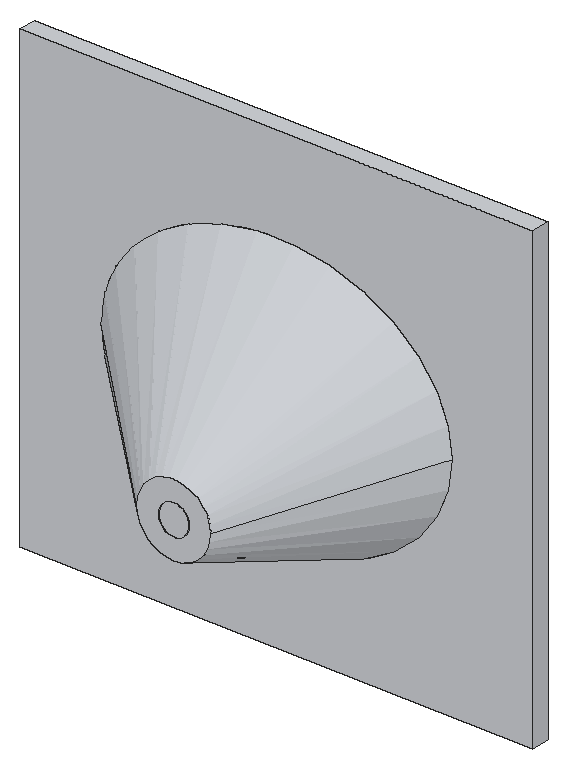
Revit family "16d777fff1364b3dbdfb23f80eb7890c", category Plumbing Fixtures, host Face, Revit 2021
Family settings
  Host = Face
  Round Connector Dimension = Use Radius
  Part Type = Normal
  OmniClass Number = 23.45.05.14.14
  OmniClass Title = Sinks/Lavatories
  Seek Item ID = Lavatory - Oval-0000-USA-ENU
  Cut with Voids When Loaded = No
  Shared = No
  Room Calculation Point = No
Parameters (values of type "21"x19" - Public")
  Sanitary Radius = 5/8"
  Sanitary Diameter = Sanitary Radius * 2  # 1 1/4"
  WFU = 1
  Sink Material = none
  Oval Short Axis Length = 1' - 0 1/2"
  Oval Long Axis Length = 1' - 4"
  Lavatory Width = 1' - 7"
  Lavatory Length = 1' - 9"
  Lavatory Height = 0' - 6"
  Hot Water Radius = 1/4"
  Hot Water Diameter = Hot Water Radius * 2  # 1/2"
  Half Oval Short Axis Length 1 = Half Oval Short Axis Length - 0' 0 1/8"  # 0' - 6 1/8"
  Half Oval Short Axis Length = Oval Short Axis Length / 2  # 0' - 6 1/4"
  Half Oval Long Axis Length 1 = Half Oval Long Axis Length - 0' 0 1/8"  # 0' - 7 7/8"
  Half Oval Long Axis Length = Oval Long Axis Length / 2  # 0' - 8"
  Half Lavatory Length = Lavatory Length / 2  # 0' - 10 1/2"
  HWFU = 1.5
  Flow Pressure [instance] = 8.00 psi
  Faucet Material = none
  Default Elevation = 2' - 10"
  Cold Water Radius = 1/4"
  Cold Water Diameter = Cold Water Radius * 2  # 1/2"
  CWFU = 1.5
Types (9): name | Oval Short Axis Length | Oval Long Axis Length | Lavatory Width | Lavatory Length | Half Oval Short Axis Length 1 | Half Oval Short Axis Length | Half Oval Long Axis Length 1 | Half Oval Long Axis Length | Half Lavatory Length | HWFU | CWFU
  (no name) | 1' - 0 1/2" | 1' - 4" | 1' - 7" | 1' - 9" | 0' - 6 1/8" | 0' - 6 1/4" | 0' - 7 7/8" | 0' - 8" | 0' - 10 1/2" | 1.5 | 1.5
  21"x19" - Private | 1' - 0 1/2" | 1' - 4" | 1' - 7" | 1' - 9" | 0' - 6 1/8" | 0' - 6 1/4" | 0' - 7 7/8" | 0' - 8" | 0' - 10 1/2" | 0.5 | 0.5
  25"x20" - Public | 1' - 4" | 1' - 7" | 1' - 8" | 2' - 1" | 0' - 7 7/8" | 0' - 8" | 0' - 9 3/8" | 0' - 9 1/2" | 1' - 0 1/2" | 1.5 | 1.5
  30"x24" - Private | 1' - 0 1/2" | 1' - 4" | 2' - 0" | 2' - 6" | 0' - 6 1/8" | 0' - 6 1/4" | 0' - 7 7/8" | 0' - 8" | 1' - 3" | 0.5 | 0.5
  36"x22" - Private | 1' - 5" | 1' - 8" | 1' - 10" | 3' - 0" | 0' - 8 3/8" | 0' - 8 1/2" | 0' - 9 7/8" | 0' - 10" | 1' - 6" | 0.5 | 0.5
  21"x19" - Public | 1' - 0 1/2" | 1' - 4" | 1' - 7" | 1' - 9" | 0' - 6 1/8" | 0' - 6 1/4" | 0' - 7 7/8" | 0' - 8" | 0' - 10 1/2" | 1.5 | 1.5
  25"x20" - Private | 1' - 4" | 1' - 7" | 1' - 8" | 2' - 1" | 0' - 7 7/8" | 0' - 8" | 0' - 9 3/8" | 0' - 9 1/2" | 1' - 0 1/2" | 0.5 | 0.5
  30"x24" - Public | 1' - 0 1/2" | 1' - 4" | 2' - 0" | 2' - 6" | 0' - 6 1/8" | 0' - 6 1/4" | 0' - 7 7/8" | 0' - 8" | 1' - 3" | 1.5 | 1.5
  36"x22" - Public | 1' - 5" | 1' - 8" | 1' - 10" | 3' - 0" | 0' - 8 3/8" | 0' - 8 1/2" | 0' - 9 7/8" | 0' - 10" | 1' - 6" | 1.5 | 1.5
Reference planes (in)
  plane 1 "Center (Front/Back)": y = 0
  plane 2: z = 0
  plane 3 "Center (Left/Right)": x = 0
  plane 4: x = -10.5
  plane 5: x = 10.5
  plane 6: z = 19
  plane 7: y = -6
  plane 8: z = 0.5
  plane 9: z = 2.5
  plane 10: x = -3
  plane 11: x = 3
  plane 12: y = 1
  plane 13: z = 3.5
  plane 14: x = 8
  plane 15: x = -8
  plane 16: z = 9.75
  plane 17: z = 16
  plane 18: z = 7
  plane 19: y = -0.75
  plane 20: y = -5.875
  plane 21: x = -2
  plane 22: x = 2
  plane 23: z = 1.5
  plane 24: y = 3
  plane 25: x = -0.5
  plane 26: x = 0.5
  plane 27: z = 15.875
  plane 28: z = 3.625
  plane 29: x = 7.875
  plane 30: x = -7.875
Forms (in)
  Extrusion 1, solid, material <- "Sink Material"
    sketch origin (0, 0, 0) x (1, 0, 0) y (0, 0, 1)
      loop
        line (-10.5, 0) -> (10.5, 0) -> (10.5, 19) -> (-10.5, 19) -> (-10.5, 0)
    from 0 to 0.75
  Extrusion 2, solid, material <- "Faucet Material", detail levels fine
    sketch origin (0, 0, 0) x (1, 0, 0) y (0, 0, 1)
      loop
        line (-3, 2.5) -> (-3, 0.5) -> (3, 0.5) -> (3, 2.5) -> (-3, 2.5)
    from -1 to 0
  Blend 3, solid, material <- "Sink Material"
    base sketch origin (0, 0, 0) x (1, 0, 0) y (0, 0, 1)
      loop
        spline (-8, 9.75) -> (-7.72741, 8.13238) -> (-6.9282, 6.625) -> (-5.65685, 5.33058) -> (-4, 4.33734) -> (-2.07055, 3.71296) -> (0, 3.5) -> (2.07055, 3.71296) -> (4, 4.33734) -> (5.65685, 5.33058) -> (6.9282, 6.625) -> (7.72741, 8.13238) -> (8, 9.75)
        spline (8, 9.75) -> (7.72741, 11.36762) -> (6.9282, 12.875) -> (5.65685, 14.16942) -> (4, 15.16266) -> (2.07055, 15.78704) -> (0, 16) -> (-2.07055, 15.78704) -> (-4, 15.16266) -> (-5.65685, 14.16942) -> (-6.9282, 12.875) -> (-7.72741, 11.36762) -> (-8, 9.75)
    top sketch origin (0, 0, 0) x (1, 0, 0) y (0, 0, 1)
      loop
        circle (0, 7) r 1.5
    from 0 to 6
  Extrusion 4, solid, material <- "Sink Material"
    sketch origin (0, 0, 0) x (1, 0, 0) y (0, 0, 1)
      loop
        circle (2, 1.5) r 0.5
      loop
        circle (-2, 1.5) r 0.5
    from 0 to 0.75
  Extrusion 5, solid, material <- "Faucet Material", detail levels fine
    sketch origin (0, 0, 0) x (0, 1, 0) y (0, 0, 1)
      loop
        line (0, 2.5) -> (1, 2.5) -> (2.73205, 5.5) -> (1.73205, 5.5) -> (0, 2.5)
    from -0.5 to 0.5
  Blend 6, void
    base sketch origin (0, 0, 0) x (1, 0, 0) y (0, 0, 1)
      loop
        spline (-7.875, 9.75) -> (-7.60667, 8.16473) -> (-6.81995, 6.6875) -> (-5.56847, 5.41897) -> (-3.9375, 4.44559) -> (-2.0382, 3.8337) -> (0, 3.625) -> (2.0382, 3.8337) -> (3.9375, 4.44559) -> (5.56847, 5.41897) -> (6.81995, 6.6875) -> (7.60667, 8.16473) -> (7.875, 9.75)
        spline (7.875, 9.75) -> (7.60667, 11.33527) -> (6.81995, 12.8125) -> (5.56847, 14.08103) -> (3.9375, 15.05441) -> (2.0382, 15.6663) -> (0, 15.875) -> (-2.0382, 15.6663) -> (-3.9375, 15.05441) -> (-5.56847, 14.08103) -> (-6.81995, 12.8125) -> (-7.60667, 11.33527) -> (-7.875, 9.75)
    top sketch origin (0, 0, 0) x (1, 0, 0) y (0, 0, 1)
      loop
        circle (0, 7) r 1.375
    from 0 to 5.875
  Extrusion 7, void
    sketch origin (0, 0, 0) x (1, 0, 0) y (0, 0, 1)
      loop
        circle (0, 7) r 0.625
    from 0 to 6
  Extrusion 8, solid, material <- "Sink Material"
    sketch origin (0, 0, 0) x (1, 0, 0) y (0, 0, 1)
      loop
        circle (0, 7) r 0.625
    from 5.875 to 6
  Extrusion 9, solid, material <- "Faucet Material", detail levels fine
    sketch origin (0, 0, 0) x (1, 0, 0) y (0, 0, 1)
      loop
        circle (-2, 1.5) r 0.5
      loop
        circle (2, 1.5) r 0.5
    from -3 to -1
Cuts and joins
  joined: Extrusion 2, Extrusion 5, Extrusion 9
  Blend 6 cuts Extrusion 1
  Blend 6, Extrusion 7 cuts Blend 3
  joined: Extrusion 1, Blend 3, Extrusion 4
Lines and regions (in)
  reference lines
    curve 1: line (0, 0, 2.5) -> (0, 5.5, 12.02628)
Dimensions and locks (in)
  "Half Lavatory Length": plane 3 "Center (Left/Right)" to plane 4
  "Lavatory Length": plane 5 to plane 4
  "Lavatory Width": plane 6 to plane 2
  "Lavatory Height": plane 7 to plane 1 "Center (Front/Back)"
  locked: plane 8 to plane 2 at 0.5
  locked: plane 9 to plane 8 at 2
  equal spacing: plane 11, plane 3 "Center (Left/Right)", plane 10
  locked: plane 12 to plane 1 "Center (Front/Back)" at 1
  locked: plane 9 to plane 13 at 1
  "Oval Short Axis Length": plane 13 to plane 17
  equal spacing: plane 13, plane 16, plane 17
  "Oval Long Axis Length": plane 15 to plane 14
  "Half Oval Long Axis Length": plane 3 "Center (Left/Right)" to plane 14
  locked: plane 13 to plane 18 at 3.5
  locked: plane 1 "Center (Front/Back)" to plane 19 at 0.75
  locked: plane 20 to plane 7 at 0.125
  locked: plane 10 to plane 21 at 1
  locked: plane 11 to plane 22 at 1
  equal spacing: plane 8, plane 23, plane 9
  plane 24 to plane 19 = 0' - 3 3/4"
  locked: Extrusion 5 sketch curve to Extrusion 5 sketch curve at 1
  locked: plane 25 to plane 3 "Center (Left/Right)" at 0.5
  locked: plane 3 "Center (Left/Right)" to plane 26 at 0.5
  "Half Oval Short Axis Length": Blend 3 sketch curve to Blend 3 sketch curve
  "Half Oval Long Axis Length": Blend 3 sketch curve to Blend 3 sketch curve
  locked: plane 29 to plane 14 at 0.125
  locked: plane 15 to plane 30 at 0.125
  locked: plane 27 to plane 17 at 0.125
  locked: plane 13 to plane 28 at 0.125
  "Half Oval Long Axis Length 1": Blend 6 sketch curve to Blend 6 sketch curve
  "Half Oval Short Axis Length 1": Blend 6 sketch curve to Blend 6 sketch curve
  radius of Blend 3 sketch curve = 0' - 1 1/2"
  radius of Extrusion 4 sketch curve = 0' - 0 1/2"  (x2)
  radius of Blend 6 sketch curve = 0' - 1 3/8"
  "Sanitary Radius": radius of Extrusion 7 sketch curve
  "Sanitary Radius": radius of Extrusion 8 sketch curve
  radius of Extrusion 9 sketch curve = 0' - 0 1/2"  (x2)
  locked: plane 1 "Center (Front/Back)" to curve 1 (angle 30.00°)
  aligned and locked: plane 2 to host face
  aligned and locked: level to host face
  aligned and locked: Extrusion 1 to plane 1 "Center (Front/Back)"
  aligned and locked: Extrusion 1 to plane 4
  aligned and locked: plane 5 to Extrusion 1
  aligned and locked: plane 6 to Extrusion 1
  aligned and locked: Extrusion 1 to plane 2
  aligned and locked: plane 12 to Extrusion 2
  aligned and locked: plane 1 "Center (Front/Back)" to Extrusion 2
  aligned and locked: plane 18 to Blend 3 sketch curve
  aligned and locked: plane 3 "Center (Left/Right)" to Blend 3 sketch curve  (x2)
  aligned and locked: Blend 3 to plane 1 "Center (Front/Back)"
  aligned and locked: Blend 3 to plane 7
  aligned and locked: Extrusion 1 to plane 19
  aligned and locked: plane 23 to Extrusion 4 sketch curve  (x2)
  aligned and locked: plane 22 to Extrusion 4 sketch curve
  aligned and locked: plane 21 to Extrusion 4 sketch curve
  aligned and locked: Extrusion 5 sketch curve to plane 9
  aligned and locked: Extrusion 5 to plane 25
  aligned and locked: plane 26 to Extrusion 5
  aligned and locked: plane 16 to Blend 3 sketch curve
  aligned and locked: plane 3 "Center (Left/Right)" to Blend 6 sketch curve  (x2)
  aligned and locked: plane 16 to Blend 6 sketch curve
  aligned and locked: plane 18 to Blend 6 sketch curve
  aligned and locked: Blend 6 to plane 20
  aligned and locked: Blend 6 to plane 1 "Center (Front/Back)"
  aligned and locked: Extrusion 4 to plane 19
  aligned and locked: Extrusion 7 to plane 1 "Center (Front/Back)"
  aligned and locked: Extrusion 7 to plane 7
  aligned and locked: cut or joined group of Extrusion 2, Extrusion 5, Extrusion 9 to plane 25
  aligned and locked: plane 26 to cut or joined group of Extrusion 2, Extrusion 5, Extrusion 9
  aligned and locked: plane 3 "Center (Left/Right)" to Extrusion 8 sketch curve
  aligned and locked: plane 18 to Extrusion 8 sketch curve
  aligned and locked: Extrusion 8 to plane 7
  aligned and locked: plane 20 to Extrusion 8
  aligned and locked: plane 21 to Extrusion 9 sketch curve
  aligned and locked: plane 22 to Extrusion 9 sketch curve
  aligned and locked: plane 23 to Extrusion 9 sketch curve  (x2)
  aligned and locked: Extrusion 4 to plane 1 "Center (Front/Back)"
  aligned and locked: Extrusion 9 to plane 24
  aligned and locked: Extrusion 9 to plane 12
Automatic sketch dimensions
  Extrusion 1 sketch curve to plane 4 = 0' - 0"
  Extrusion 1 sketch curve to plane 5 = 0' - 0"
  Extrusion 1 sketch curve to level = 0' - 0"
  Extrusion 1 sketch curve to plane 6 = 0' - 0"
  Extrusion 2 sketch curve to plane 8 = 0' - 0"
  Extrusion 2 sketch curve to plane 10 = 0' - 0"
  Extrusion 2 sketch curve to plane 11 = 0' - 0"
  Extrusion 2 sketch curve to plane 9 = 0' - 0"
  curve 1 to plane 1 "Center (Front/Back)" = 0' - 0"
  curve 1 to plane 9 = 0' - 0"
  Extrusion 5 sketch curve to plane 1 "Center (Front/Back)" = 0' - 0"
  Extrusion 5 sketch curve to plane 12 = 0' - 0"
  plane 24 to Extrusion 5 sketch curve = 0' - 0.26795"
  Extrusion 5 sketch curve to plane 18 = 0' - 1 1/2"
  Extrusion 7 sketch curve to plane 3 "Center (Left/Right)" = 0' - 0"
  Extrusion 7 sketch curve to plane 18 = 0' - 0"
  host sketch curve to host sketch curve = 4' - 5"
  host sketch curve to host sketch curve = 8' - 0"
Connectors (in)
  piping at (2, -0.75, 1.5), diameter 0.5, driven by "CWFU", driven by "Cold Water Radius", driven by "Flow Pressure"
    settings: on cut or joined group of Extrusion 2, Extrusion 5, Extrusion 9, index 1, connector inside diameter 1/2", connector length 0' - 0", flow factor 0, pipe flow 0 GPM, pressure drop 8.00 psi, fitting loss kfactor 0, connector angle 0.00°, fixture units 1.5, engagement length 0' - 0", angle of deflection 0.00°, flow configuration 3, flow direction 1, fitting loss method 4, system type 20, joint type 0, gender type 0, connector reference index -1, connector utility 0, adjustable connector no, is connector primary yes, connector description "In"
  piping at (-2, -0.75, 1.5), diameter 0.5, driven by "Hot Water Radius", driven by "Flow Pressure", driven by "HWFU"
    settings: on cut or joined group of Extrusion 2, Extrusion 5, Extrusion 9, index 2, connector inside diameter 1/2", connector length 0' - 0", flow factor 0, pipe flow 0 GPM, pressure drop 8.00 psi, fitting loss kfactor 0, connector angle 0.00°, fixture units 1.5, engagement length 0' - 0", angle of deflection 0.00°, flow configuration 3, flow direction 1, fitting loss method 4, system type 19, joint type 0, gender type 0, connector reference index -1, connector utility 0, adjustable connector no, is connector primary no, connector description "In"
  piping at (0, -6, 7), diameter 1.25, driven by "WFU", driven by "Sanitary Radius"
    settings: on cut or joined group of Extrusion 1, Blend 3, Extrusion 4, Blend 6, Extrusion 7, index 3, connector inside diameter 1 1/4", connector length 0' - 0", flow factor 0, pipe flow 0 GPM, pressure drop 0.00 psi, fitting loss kfactor 0, connector angle 0.00°, fixture units 1, engagement length 0' - 0", angle of deflection 0.00°, flow configuration 3, flow direction 2, fitting loss method 0, system type 16, joint type 0, gender type 0, connector reference index -1, connector utility 0, adjustable connector no, is connector primary no, connector description "Out"
